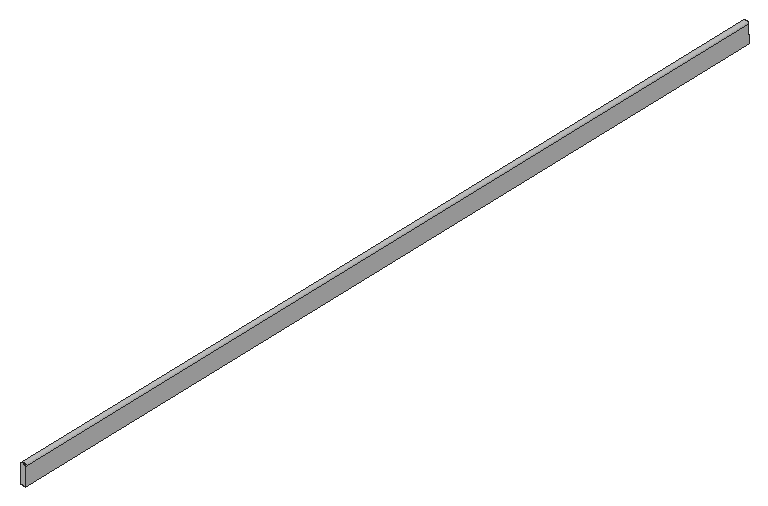
Revit family "dbcee23b-5128-4a59-89fe-01d847426539", category Specialty Equipment, host Face, Revit 2019
Family settings
  Host = Face
  Round Connector Dimension = Use Diameter
  Part Type = Normal
  Cut with Voids When Loaded = No
  Shared = No
  Room Calculation Point = No
Parameters (values of type "DSM - .5 inches")
  Width = 0' - 0 1/2"
  URL = ""
  Type Image = DSM.PNG
  Type Comments = ""
  Triple Bellow = no
  Tensile Strength (ASTM D3574) = "18 psi min; 145 kPa"
  Temperature Range (ASTM C711) = "185°F (85°C) to -40°F (-40°C)"
  Staining (ASTM C510) = "None"
  Single Bellow = yes
  Seal Material Note = "DSM is coated on the top traffic side with standard Sikasil WS-295 water-resistant traffic-grade silicone"
  Seal Material = Silicone - Sikasil WS-295 Deck Gray
  Rate of Air Leakage (ASTM E283) = "Passed"
  R Value Range (ASTM C518) = "1.8 per 1-inch (25mm) depth"
  Quad Bellow = no
  Product Page URL = "https://www.emseal.com/product/dsm-system-watertight-expansion-joint/"
  Product Documentataion URL = "https://bit.ly/39Y6fwv"
  Pick Resistance = no
  Movement (of Nominal Material Size) = "+50% / -50%"
  Model = "DSM"
  Manufacturer URL = "http://www.emseal.com/"
  Manufacturer = "EMSEAL Joint Systems Ltd"
  Length [instance] = 6' - 6 23/32"
  Keynote = ""
  Durometer Hardness of Silicone Coating (ASTM D2240) = "Shore A: 15"
  Description = "Watertight trafficable expansion joint for decks, walkways, ramps and roadways"
  Depth = 0' - 1 3/4"
  Default Elevation = 0' - 0"
  Calc Width Triple [instance] = if(or(Width > 0' 3 131/256", Width < 0' 1 125/256"), 0' 1 1/2", Width)  # 0' - 1 1/2"
  Calc Width Single [instance] = if(Width > 0' 1 67/256", 0' 1 67/256", Width)  # 0' - 0 1/2"
  Calc Width Quad [instance] = if(or(Width > 0' 4 3/256", Width < 0' 3 131/256"), 0' 3 131/256", Width)  # 0' - 3 131/256"
  Assembly Code = "C3020200"
  ABAA Compliance = yes
Reference planes (in)
  plane 1 "Center (Front/Back)": y = 0
  plane 2: z = 0
  plane 3 "Center (Left/Right)": x = 0
  plane 4 "Width 1": x = -0.25
  plane 5 "Width 2": x = 0.25
  plane 6: y = 39.35937
  plane 7: y = -39.35938
  plane 8: z = -1.75
  plane 9 "Quad Width 1": x = -1.75586
  plane 10: x = -0.87793
  plane 11: x = 0.87793
  plane 12 "Quad Width 2": x = 1.75586
  plane 13 "Triple Width 1": x = -0.75
  plane 14 "Triple Width 2": x = 0.75
  plane 15: x = 0.25
  plane 16: x = -0.25
  plane 17 "Single Width 1": x = -0.25
  plane 18 "Single Width 2": x = 0.25
  plane 19 "Expansion Line": z = 0.03125
Forms (in)
  Extrusion 1, void
    sketch origin (0, 0, 0) x (1, 0, 0) y (0, 1, 0)
      loop
        line (-0.25, -39.35938) -> (0.25, -39.35938) -> (0.25, 39.35937) -> (-0.25, 39.35937) -> (-0.25, -39.35938)
    from 0 to -30
  Extrusion 2, solid, material "Silicone - Sikasil WS-295 Deck Gray" <- "Seal Material", detail levels coarse
    sketch origin (0, 0, 0) x (1, 0, 0) y (0, 1, 0)
      loop
        line (-0.25, 39.35937) -> (-0.25, -39.35938) -> (0.25, -39.35938) -> (0.25, 39.35937) -> (-0.25, 39.35937)
    from 0 to -1.75
  Extrusion 3, solid, material "Silicone - Sikasil WS-295 Deck Gray" <- "Seal Material", visible <- "Quad Bellow"
    sketch origin (0, 0, 0) x (1, 0, 0) y (0, 0, 1)
      loop
        line (-1.75586, -1.75) -> (1.75586, -1.75) -> (1.75586, -0.43896)
        arc (1.75586, -0.43896) -> (1.31689, 0) -> (0.87793, -0.43896) r 0.43896
        arc (0.87793, -0.43896) -> (0.43896, 0) -> (0, -0.43896) r 0.43896
        arc (0, -0.43896) -> (-0.43896, 0) -> (-0.87793, -0.43896) r 0.43896
        arc (-0.87793, -0.43896) -> (-1.31689, 0) -> (-1.75586, -0.43896) r 0.43896
        line (-1.75586, -0.43896) -> (-1.75586, -1.75)
    from 39.35938 to -39.35937
  Extrusion 4, solid, material "Silicone - Sikasil WS-295 Deck Gray" <- "Seal Material", visible <- "Triple Bellow"
    sketch origin (0, 0, 0) x (1, 0, 0) y (0, 0, 1)
      loop
        line (-0.75, -1.75) -> (0.75, -1.75) -> (0.75, -0.25)
        arc (0.75, -0.25) -> (0.5, 0) -> (0.25, -0.25) r 0.25
        arc (0.25, -0.25) -> (0, 0) -> (-0.25, -0.25) r 0.25
        arc (-0.25, -0.25) -> (-0.5, 0) -> (-0.75, -0.25) r 0.25
        line (-0.75, -0.25) -> (-0.75, -1.75)
    from 39.35938 to -39.35937
  Extrusion 5, solid, material "Silicone - Sikasil WS-295 Deck Gray" <- "Seal Material", visible <- "Single Bellow"
    sketch origin (0, 0, 0) x (1, 0, 0) y (0, 0, 1)
      loop
        line (-0.25, -1.75) -> (0.25, -1.75) -> (0.25, -0.25)
        arc (0.25, -0.25) -> (0, 0) -> (-0.25, -0.25) r 0.25
        line (-0.25, -0.25) -> (-0.25, -1.75)
    from 39.35938 to -39.35937
Lines and regions (in)
  model lines, style "Expansion Graphic"
    curve 1: line (0, 39.35937, 0.03125) -> (0, -39.35938, 0.03125)
Dimensions and locks (in)
  "Width": plane 4 "Width 1" to plane 5 "Width 2"
  equal spacing: plane 4 "Width 1", plane 3 "Center (Left/Right)", plane 5 "Width 2"
  equal spacing: plane 6, plane 1 "Center (Front/Back)", plane 7
  "Length": plane 6 to plane 7
  "Depth": plane 2 to plane 8
  equal spacing: plane 12 "Quad Width 2", plane 11, plane 3 "Center (Left/Right)", plane 10, plane 9 "Quad Width 1"
  "Calc Width Quad": plane 12 "Quad Width 2" to plane 9 "Quad Width 1"
  locked: plane 2 to Extrusion 3 sketch curve at 0
  equal spacing: plane 13 "Triple Width 1", plane 16, plane 15, plane 14 "Triple Width 2"
  "Calc Width Triple": plane 13 "Triple Width 1" to plane 14 "Triple Width 2"
  equal spacing: plane 13 "Triple Width 1", plane 3 "Center (Left/Right)", plane 14 "Triple Width 2"
  locked: plane 2 to Extrusion 4 sketch curve at 0
  equal spacing: plane 17 "Single Width 1", plane 3 "Center (Left/Right)", plane 18 "Single Width 2"
  "Calc Width Single": plane 17 "Single Width 1" to plane 18 "Single Width 2"
  locked: plane 2 to Extrusion 5 sketch curve at 0
  locked: plane 19 "Expansion Line" to level at 0.03125
  aligned and locked: plane 2 to host face
  aligned and locked: level to host face
  aligned and locked: Extrusion 1 sketch curve to plane 7
  aligned and locked: Extrusion 1 sketch curve to plane 4 "Width 1"
  aligned and locked: plane 6 to Extrusion 1 sketch curve
  aligned and locked: plane 5 "Width 2" to Extrusion 1 sketch curve
  aligned and locked: Extrusion 2 sketch curve to plane 6
  aligned and locked: plane 4 "Width 1" to Extrusion 2 sketch curve
  aligned and locked: plane 7 to Extrusion 2 sketch curve
  aligned and locked: Extrusion 2 sketch curve to plane 5 "Width 2"
  aligned and locked: Extrusion 2 to plane 8
  aligned and locked: level to Extrusion 2
  aligned and locked: Extrusion 3 sketch curve to plane 9 "Quad Width 1"
  aligned and locked: plane 12 "Quad Width 2" to Extrusion 3 sketch curve
  aligned and locked: Extrusion 3 sketch curve to plane 8
  aligned and locked: plane 6 to Extrusion 3
  aligned and locked: Extrusion 3 to plane 7
  aligned and locked: plane 13 "Triple Width 1" to Extrusion 4 sketch curve
  aligned and locked: Extrusion 4 sketch curve to plane 14 "Triple Width 2"
  aligned and locked: Extrusion 4 sketch curve to plane 8
  aligned and locked: Extrusion 4 to plane 7
  aligned and locked: plane 6 to Extrusion 4
  aligned and locked: plane 17 "Single Width 1" to Extrusion 5 sketch curve
  aligned and locked: Extrusion 5 sketch curve to plane 18 "Single Width 2"
  aligned and locked: Extrusion 5 sketch curve to plane 8
  aligned and locked: Extrusion 5 to plane 7
  aligned and locked: plane 6 to Extrusion 5
  aligned and locked: curve 1 to plane 3 "Center (Left/Right)"
  aligned and locked: plane 6 to curve 1
  aligned and locked: plane 7 to curve 1
Automatic sketch dimensions
  host sketch curve to host sketch curve = 8' - 0"  (x2)
  Extrusion 3 sketch curve to plane 10 = 0' - 0"  (x2)
  Extrusion 3 sketch curve to plane 3 "Center (Left/Right)" = 0' - 0"  (x2)
  Extrusion 3 sketch curve to plane 11 = 0' - 0"  (x2)
  plane 16 to Extrusion 4 sketch curve = 0' - 0"  (x2)
  Extrusion 4 sketch curve to plane 3 "Center (Left/Right)" = 0' - 0"
  plane 15 to Extrusion 4 sketch curve = 0' - 0"
